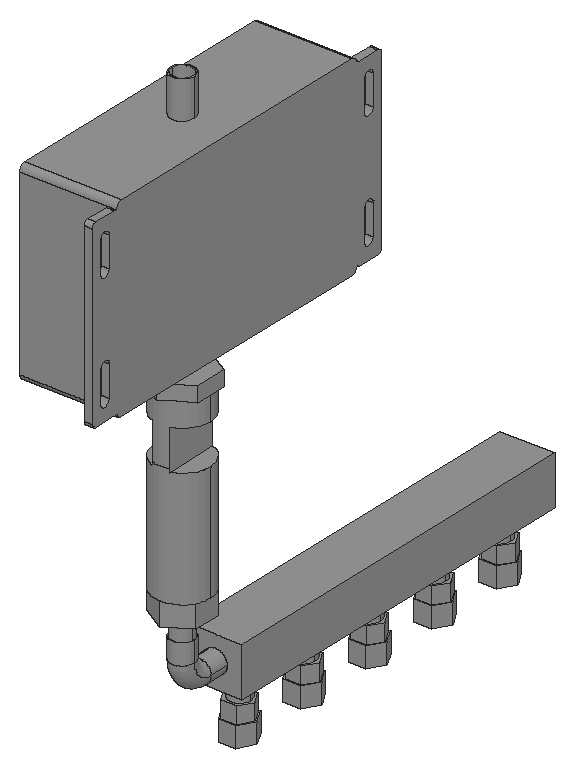
Revit family "MI-300", category Plumbing Fixtures, Revit 2013
Parameters
  material = Plastic
  URL = "www.mifab.com"
  Model = "MI-300"
  Manufacturer = "Mifab"
  Description = "Electronic Trap Seal Primer With Air Gap, Distribution Unit and Control Panel"
  Body Material = Brass
Reference planes (in)
  plane 1 "Center (Front/Back)": y = 0
  plane 2: z = 0
  plane 3 "Center (Left/Right)": x = 0
  plane 4: z = 10.17932
  plane 5: z = -60.32068
  plane 6: z = -66.32068
  plane 7: z = 46.17932
  plane 8: z = -6.9904
  plane 9: z = -18.9904
  plane 10: z = 82.17932
  plane 11: z = -102.32068
  plane 12: z = 67.17932
  plane 13: z = 57.17932
  plane 14: y = 51
  plane 15: z = 28.17932
  plane 16: y = 12
  plane 17: y = 132
Forms (in)
  Revolve 1, solid, material "Brass" <- "Body Material"
    sketch origin (0, 0, 0) x (1, 0, 0) y (0, 0, 1)
      loop
        line (-8.25, 0) -> (-8.25, -18) -> (-8.25, -53.5) -> (0, -53.5) -> (0, 0) -> (-8.25, 0)
      axis (0, 0) -> (0, -53.5)
    angle from 0 to 360
  Extrusion 2, solid, material "Brass" <- "Body Material"
    sketch origin (0, 0, 0) x (1, 0, 0) y (0, 1, 0)
      loop
        line (-8.25, -4.76314) -> (0, -9.52628) -> (8.25, -4.76314) -> (8.25, 4.76314) -> (0, 9.52628) -> (-8.25, 4.76314) -> (-8.25, -4.76314)
    from 0 to 4.48076
  Extrusion 3, solid, material "Brass" <- "Body Material"
    sketch origin (0, 0, 0) x (1, 0, 0) y (0, 1, 0)
      loop
        circle (0, 0) r 3
    from 4.48076 to 10.17932
  Extrusion 4, void
    sketch origin (0, 0, 0) x (1, 0, 0) y (0, 1, 0)
      loop
        circle (0, 0) r 2.75
    from 0 to 12
  Extrusion 5, solid, material "Brass" <- "Body Material"
    sketch origin (0, 0, 0) x (1, 0, 0) y (0, 1, 0)
      loop
        line (0, -8.25) -> (7.14471, -4.125) -> (7.14471, 4.125) -> (0, 8.25) -> (-7.14471, 4.125) -> (-7.14471, -4.125) -> (0, -8.25)
    from -60.32068 to -53.5
  Extrusion 6, void
    sketch origin (0, 0, 0) x (1, 0, 0) y (0, 1, 0)
      loop
        circle (0, 0) r 6.75
    from -60.32068 to -53.5
  Revolve 7, solid
    sketch origin (0, 0, 0) x (1, 0, 0) y (0, 0, 1)
      loop
        line (0, 0) -> (-4, 0) -> (-4, -2) -> (-1, -2) -> (-1, -4) -> (0, -4) -> (0, 0)
      axis (0, 0) -> (0, -4)
    angle from 0 to 360
  Extrusion 8, solid, material "Iron, Cast"
    sketch origin (0, 0, 0) x (1, 0, 0) y (0, 1, 0)
      loop
        circle (0, 0) r 3.19922
    from -66.32068 to -60.32068
  Revolve 9, solid, material "Iron, Cast"
    sketch origin (0, 0, 0) x (1, 0, 0) y (0, 0, 1)
      loop
        line (0, 10.17932) -> (8.25, 10.17932) -> (8.25, 20.17932) -> (7, 20.17932) -> (7, 36.17932) -> (8.25, 36.17932) -> (8.25, 46.17932) -> (0, 46.17932) -> (0, 10.17932)
      axis (0, 46.17932) -> (0, 10.17932)
    angle from 0 to 360
  Extrusion 10, solid, material "Stainless Steel"
    sketch origin (-1.11713, 0, 0) x (1, 0, 0) y (0, 1, 0)
      loop
        circle (1.11713, 0) r 3.5
      loop
        circle (1.11713, 0) r 3.19922
    from 46.17932 to 82.17932
  Extrusion 11, void
    sketch origin (0, 0, 0) x (1, 0, 0) y (0, 0, 1)
      loop
        line (2.5, -6.9904) -> (2.5, -18.9904) -> (14.5, -18.9904) -> (14.5, -6.9904) -> (2.5, -6.9904)
      loop
        line (-2.5, -6.9904) -> (-14.5, -6.9904) -> (-14.5, -18.9904) -> (-2.5, -18.9904) -> (-2.5, -6.9904)
    from -16.92204 to 12
  Extrusion 12, solid, material "Plastic" <- "material"
    sketch origin (0, 0, 0) x (1, 0, 0) y (0, 1, 0)
      loop
        circle (0, 0) r 3.5
      loop
        line (0, 10.75) -> (-9.30977, 5.375) -> (-9.30977, -5.375) -> (0, -10.75) -> (9.30977, -5.375) -> (9.30977, 5.375) -> (0, 10.75)
    from 57.17932 to 67.17932
  Extrusion 13, solid, material "Plastic" <- "material"
    sketch origin (0, 0, 0) x (0, 1, 0) y (0, 0, 1)
      loop
        line (3.26505, 39.26677) -> (3.26505, 17.26677) -> (13.26505, 17.26677) -> (13.26505, 21.84166) -> (19.26505, 23.117) -> (19.26505, 33.41654) -> (13.26505, 34.69188) -> (13.26505, 39.26677) -> (3.26505, 39.26677)
    from -4.05535 to 4.05535
  Extrusion 14, solid, material "Plastic" <- "material"
    sketch origin (0, 0, 0) x (1, 0, 0) y (0, 0, 1)
      loop
        circle (0, 28.17932) r 1
    from -19.26505 to -38.14634
  Extrusion 15, solid, material "Plastic" <- "material"
    sketch origin (0, 0, 0) x (0, 1, 0) y (0, 0, 1)
      loop
        line (20.72926, 36.64354) -> (20.72926, 15.17932) -> (37, 15.17932) -> (37, 41.17932) -> (25.26505, 41.17932) -> (20.72926, 36.64354)
    from -12.1497 to 12
  Extrusion 16, solid, material "Plastic" <- "material"
    sketch origin (0, 0, 0) x (1, 0, 0) y (0, 0, 1)
      loop
        line (-6.31831, 50.17973) -> (-6.31831, 41.17932) -> (6.31831, 41.17932) -> (6.31831, 50.17973) -> (-6.31831, 50.17973)
    from -35.8522 to -25.26505
  Sweep 17, solid, material "Iron, Cast"
    path origin (0, 0, 0) x (0, 1, 0) y (0, 0, 1)
      loop
        line (0, -66.32068) -> (0, -72.32068)
        arc (0, -72.32068) -> (1.75736, -76.56332) -> (6, -78.32068) r 6
        line (6, -78.32068) -> (12, -78.32068)
    profile origin (0, 0, -69.32068) x (1, 0, 0) y (0, 1, 0)
      loop
        circle (0, 0) r 3.5
      loop
        circle (0, 0) r 3.19922
  Extrusion 18, solid, material "Iron, Cast"
    sketch origin (0, 0, 0) x (1, 0, 0) y (0, 0, 1)
      loop
        circle (0, -78.32068) r 3.5
      loop
        circle (0, -78.32068) r 3.19922
    from -132 to -12
  Extrusion 19, solid, material "Plastic" <- "material"
    sketch origin (0, 0, 0) x (1, 0, 0) y (0, 0, 1)
      loop
        line (-8, -71.07068) -> (-8, -85.57068) -> (8, -85.57068) -> (8, -71.07068) -> (-8, -71.07068)
    from -126.7611 to -12
  Extrusion 20, solid, material "Plastic" <- "material"
    sketch origin (0, 0, 0) x (1, 0, 0) y (0, 1, 0)
      loop
        circle (0, 116.7611) r 3.25
      loop
        circle (0, 92.7611) r 3.25
      loop
        circle (0, 68.7611) r 3.25
      loop
        circle (0, 44.7611) r 3.25
      loop
        circle (0, 21.0111) r 3.25
    from -91.48172 to -76.37662
  Extrusion 21, solid, material "Plastic" <- "material"
    sketch origin (0, 0, 0) x (1, 0, 0) y (0, 1, 0)
      loop
        line (2.3094, 112.7611) -> (4.6188, 116.7611) -> (2.3094, 120.7611) -> (-2.3094, 120.7611) -> (-4.6188, 116.7611) -> (-2.3094, 112.7611) -> (2.3094, 112.7611)
      loop
        line (2.3094, 88.7611) -> (4.6188, 92.7611) -> (2.3094, 96.7611) -> (-2.3094, 96.7611) -> (-4.6188, 92.7611) -> (-2.3094, 88.7611) -> (2.3094, 88.7611)
      loop
        line (2.3094, 64.7611) -> (4.6188, 68.7611) -> (2.3094, 72.7611) -> (-2.3094, 72.7611) -> (-4.6188, 68.7611) -> (-2.3094, 64.7611) -> (2.3094, 64.7611)
      loop
        line (2.3094, 40.7611) -> (4.6188, 44.7611) -> (2.3094, 48.7611) -> (-2.3094, 48.7611) -> (-4.6188, 44.7611) -> (-2.3094, 40.7611) -> (2.3094, 40.7611)
      loop
        line (2.3094, 16.94347) -> (4.6188, 20.94347) -> (2.3094, 24.94347) -> (-2.3094, 24.94347) -> (-4.6188, 20.94347) -> (-2.3094, 16.94347) -> (2.3094, 16.94347)
    from -96.4125 to -91.48172
  Extrusion 22, solid, material "Plastic" <- "material"
    sketch origin (0, 0, 0) x (1, 0, 0) y (0, 1, 0)
      loop
        line (2.59808, 112.2611) -> (5.19615, 116.7611) -> (2.59808, 121.2611) -> (-2.59808, 121.2611) -> (-5.19615, 116.7611) -> (-2.59808, 112.2611) -> (2.59808, 112.2611)
    from -102.32068 to -96.4125
  Extrusion 23, solid, material "Plastic" <- "material"
    sketch origin (0, -24, 0) x (1, 0, 0) y (0, 1, 0)
      loop
        line (2.59808, 112.2611) -> (5.19615, 116.7611) -> (2.59808, 121.2611) -> (-2.59808, 121.2611) -> (-5.19615, 116.7611) -> (-2.59808, 112.2611) -> (2.59808, 112.2611)
    from -102.32068 to -96.4125
  Extrusion 24, solid, material "Plastic" <- "material"
    sketch origin (0, -48, 0) x (1, 0, 0) y (0, 1, 0)
      loop
        line (2.59808, 112.2611) -> (5.19615, 116.7611) -> (2.59808, 121.2611) -> (-2.59808, 121.2611) -> (-5.19615, 116.7611) -> (-2.59808, 112.2611) -> (2.59808, 112.2611)
    from -102.32068 to -96.4125
  Extrusion 25, solid, material "Plastic" <- "material"
    sketch origin (0, -72, 0) x (1, 0, 0) y (0, 1, 0)
      loop
        line (2.59808, 112.2611) -> (5.19615, 116.7611) -> (2.59808, 121.2611) -> (-2.59808, 121.2611) -> (-5.19615, 116.7611) -> (-2.59808, 112.2611) -> (2.59808, 112.2611)
    from -102.32068 to -96.4125
  Extrusion 26, solid, material "Plastic" <- "material"
    sketch origin (0, -95.78499, 0) x (1, 0, 0) y (0, 1, 0)
      loop
        line (2.59808, 112.2611) -> (5.19615, 116.7611) -> (2.59808, 121.2611) -> (-2.59808, 121.2611) -> (-5.19615, 116.7611) -> (-2.59808, 112.2611) -> (2.59808, 112.2611)
    from -102.32068 to -96.4125
  Extrusion 27, solid, material "Plastic" <- "material"
    sketch origin (0, 0, 0) x (1, 0, 0) y (0, 0, 1)
      loop
        line (2.3094, -82.32068) -> (4.6188, -78.32068) -> (2.3094, -74.32068) -> (-2.3094, -74.32068) -> (-4.6188, -78.32068) -> (-2.3094, -82.32068) -> (2.3094, -82.32068)
    from -130.49767 to -127.86809
  Extrusion 28, void
    sketch origin (0, 0, 0) x (1, 0, 0) y (0, 0, 1)
      loop
        circle (0, -78.32068) r 3.19922
    from -130.49767 to -12
  Extrusion 29, void
    sketch origin (0, 0, 0) x (1, 0, 0) y (0, 1, 0)
      loop
        circle (0, 116.7611) r 2.75
      loop
        circle (0, 92.7611) r 2.75
      loop
        circle (0, 68.7611) r 2.75
      loop
        circle (0, 44.7611) r 2.75
      loop
        circle (0, 20.98406) r 2.75
    from -85.57068 to -102.32068
  Revolve 30, solid, material "Thermoplastic Resin"
    sketch origin (0, 0, 0) x (0, 1, 0) y (0, 0, 1)
      loop
        line (35.8522, 42.67932) -> (47.46958, 42.67932)
        arc (47.46958, 42.67932) -> (48.3531, 43.29471) -> (49.23663, 42.67932) r 0.94194
        line (49.23663, 42.67932) -> (51, 42.67932) -> (51, 45.67953) -> (35.8522, 45.67953) -> (35.8522, 42.67932)
      axis (35.8522, 45.67953) -> (51, 45.67953)
    angle from 0 to 360
  Extrusion 31, solid, material "Stainless Steel"
    sketch origin (0, 0, 0) x (0, 1, 0) y (0, 0, 1)
      loop
        arc (-40.25, 71.17932) -> (-41.48744, 70.66676) -> (-42, 69.42932) r 1.75
        line (-42, 69.42932) -> (-42, 15.92932)
        arc (-42, 15.92932) -> (-41.48744, 14.69189) -> (-40.25, 14.17932) r 1.75
        line (-40.25, 14.17932) -> (44.25, 14.17932)
        arc (44.25, 14.17932) -> (45.48744, 14.69189) -> (46, 15.92932) r 1.75
        line (46, 15.92932) -> (46, 69.42932)
        arc (46, 69.42932) -> (45.48744, 70.66676) -> (44.25, 71.17932) r 1.75
        line (44.25, 71.17932) -> (-40.25, 71.17932)
    from -14.12924 to 14.39896
  Extrusion 32, solid, material "Stainless Steel"
    sketch origin (0, 0, 0) x (0, 1, 0) y (0, 0, 1)
      loop
        arc (46.75, 69.42932) -> (46.21967, 69.20965) -> (46, 68.67932) r 0.75
        line (46, 68.67932) -> (46, 16.51677)
        arc (46, 16.51677) -> (46.36647, 15.79579) -> (47.08745, 15.42932) r 1.30469
        line (47.08745, 15.42932) -> (53.91255, 15.42932)
        arc (53.91255, 15.42932) -> (54.63353, 15.79579) -> (55, 16.51677) r 1.30469
        line (55, 16.51677) -> (55, 68.12522)
        arc (55, 68.12522) -> (54.61804, 69.04736) -> (53.6959, 69.42932) r 1.3041
        line (53.6959, 69.42932) -> (46.75, 69.42932)
      loop
        arc (52.23851, 63.99909) -> (50.5, 65.7376) -> (48.76149, 63.99909) r 1.73851
        line (48.76149, 63.99909) -> (48.76149, 54.99909)
        arc (48.76149, 54.99909) -> (50.5, 53.26059) -> (52.23851, 54.99909) r 1.73851
        line (52.23851, 54.99909) -> (52.23851, 63.99909)
      loop
        line (52.23851, 20.85956) -> (52.23851, 29.85956)
        arc (52.23851, 29.85956) -> (50.5, 31.59806) -> (48.76149, 29.85956) r 1.73851
        line (48.76149, 29.85956) -> (48.76149, 20.85956)
        arc (48.76149, 20.85956) -> (50.5, 19.12105) -> (52.23851, 20.85956) r 1.73851
      loop
        line (-42.75, 69.42932) -> (-49.6959, 69.42932)
        arc (-49.6959, 69.42932) -> (-50.61804, 69.04736) -> (-51, 68.12522) r 1.3041
        line (-51, 68.12522) -> (-51, 16.51677)
        arc (-51, 16.51677) -> (-50.63353, 15.79579) -> (-49.91255, 15.42932) r 1.30469
        line (-49.91255, 15.42932) -> (-43.08745, 15.42932)
        arc (-43.08745, 15.42932) -> (-42.36647, 15.79579) -> (-42, 16.51677) r 1.30469
        line (-42, 16.51677) -> (-42, 68.67932)
        arc (-42, 68.67932) -> (-42.21967, 69.20965) -> (-42.75, 69.42932) r 0.75
      loop
        line (-48.23851, 63.99909) -> (-48.23851, 54.99909)
        arc (-48.23851, 54.99909) -> (-46.5, 53.26059) -> (-44.76149, 54.99909) r 1.73851
        line (-44.76149, 54.99909) -> (-44.76149, 63.99909)
        arc (-44.76149, 63.99909) -> (-46.5, 65.7376) -> (-48.23851, 63.99909) r 1.73851
      loop
        arc (-48.23851, 20.85956) -> (-46.5, 19.12105) -> (-44.76149, 20.85956) r 1.73851
        line (-44.76149, 20.85956) -> (-44.76149, 29.85956)
        arc (-44.76149, 29.85956) -> (-46.5, 31.59806) -> (-48.23851, 29.85956) r 1.73851
        line (-48.23851, 29.85956) -> (-48.23851, 20.85956)
    from 12 to 14.39896
Cuts and joins
  Extrusion 28 cuts Extrusion 19
  Extrusion 28 cuts Extrusion 20
  Extrusion 29 cuts Extrusion 22
  Extrusion 29 cuts Extrusion 23
  Extrusion 29 cuts Extrusion 24
  Extrusion 29 cuts Extrusion 25
  Extrusion 29 cuts Extrusion 26
  Extrusion 28 cuts Extrusion 27
  joined: Extrusion 12, Extrusion 13, Extrusion 14, Extrusion 15, Extrusion 16, Extrusion 19, Extrusion 20, Extrusion 21, Extrusion 22, Extrusion 23, Extrusion 24, Extrusion 25, Extrusion 26, Extrusion 27
  Extrusion 28 cuts Sweep 17
  joined: Extrusion 8, Sweep 17, Extrusion 18
  Extrusion 4, Extrusion 6, Extrusion 11 cuts Revolve 1
  Extrusion 4, Extrusion 6 cuts Extrusion 2
  Extrusion 4, Extrusion 6 cuts Extrusion 3
  Extrusion 6 cuts Extrusion 5
  joined: Revolve 1, Extrusion 2, Extrusion 3, Extrusion 5
  joined: Extrusion 10, Extrusion 31, Extrusion 32
Dimensions and locks (in)
  locked: Extrusion 2 sketch curve to plane 3 "Center (Left/Right)" at 8.25  (x2)
  locked: Extrusion 5 sketch curve to plane 3 "Center (Left/Right)" at 7.14471  (x2)
  locked: plane 4 to plane 5 at 70.5
  locked: plane 4 to level at 10.17932
  locked: plane 5 to plane 6 at 6
  locked: plane 7 to Revolve 9 sketch curve at 36
  locked: plane 9 to plane 8 at 12
  equal spacing: Extrusion 11 sketch curve, plane 3 "Center (Left/Right)", Extrusion 11 sketch curve
  locked: plane 10 to plane 4 at 72
  locked: plane 10 to plane 11 at 184.5
  locked: plane 10 to plane 12 at 15
  locked: plane 12 to plane 13 at 10
  equal spacing: Extrusion 13, plane 3 "Center (Left/Right)", Extrusion 13
  locked: plane 1 "Center (Front/Back)" to plane 14 at 51
  locked: plane 15 to level at 28.17932
  locked: Extrusion 14 to plane 14 at 12.85366
  locked: Extrusion 15 to plane 14 at 14
  equal spacing: Extrusion 16 sketch curve, plane 3 "Center (Left/Right)", Extrusion 16 sketch curve, locked at 6.31831 each
  Extrusion 31 sketch curve to plane 1 "Center (Front/Back)" to Extrusion 31 sketch curve = 3' - 10", 3' - 6" locked
  Extrusion 31 sketch curve to plane 13 to Extrusion 31 sketch curve = 3' - 7" locked, 1' - 2" locked
  aligned and locked: level to plane 2
  aligned and locked: Revolve 1 sketch curve to level
  aligned and locked: Extrusion 2 to level
  aligned and locked: plane 3 "Center (Left/Right)" to Extrusion 3 sketch curve
  aligned and locked: plane 1 "Center (Front/Back)" to Extrusion 3 sketch curve
  aligned and locked: Extrusion 3 to Extrusion 2
  aligned and locked: plane 3 "Center (Left/Right)" to Extrusion 4 sketch curve
  aligned and locked: plane 1 "Center (Front/Back)" to Extrusion 4 sketch curve
  aligned and locked: Extrusion 4 to level
  aligned and locked: Extrusion 6 to Revolve 1
  aligned and locked: plane 3 "Center (Left/Right)" to Extrusion 6 sketch curve
  aligned and locked: plane 1 "Center (Front/Back)" to Extrusion 6 sketch curve
  aligned and locked: Extrusion 5 to plane 5
  aligned and locked: Extrusion 8 to plane 6
  aligned and locked: Revolve 9 sketch curve to Revolve 9 sketch curve
  aligned and locked: Revolve 9 sketch curve to plane 3 "Center (Left/Right)"  (x2)
  aligned and locked: Extrusion 10 to Revolve 9
  aligned and locked: Revolve 1 sketch curve to plane 3 "Center (Left/Right)"
  aligned and locked: plane 10 to Extrusion 10
  aligned and locked: plane 1 "Center (Front/Back)" to Extrusion 12 sketch curve
  aligned and locked: plane 12 to Extrusion 12
  aligned and locked: Extrusion 12 to plane 13
  aligned and locked: Extrusion 13 sketch curve to Extrusion 13 sketch curve
  aligned and locked: plane 3 "Center (Left/Right)" to Extrusion 14 sketch curve
  aligned and locked: plane 15 to Extrusion 14 sketch curve
  aligned and locked: Extrusion 18 to Sweep 17
  aligned and locked: Extrusion 18 to plane 17
  aligned and locked: Extrusion 22 to plane 11
  aligned and locked: Extrusion 27 to Extrusion 28
  aligned and locked: Extrusion 28 to Sweep 17
  aligned and locked: Extrusion 29 to Extrusion 22
Automatic sketch dimensions
  Revolve 1 sketch curve to plane 3 "Center (Left/Right)" = 0' - 0"
  plane 5 to Revolve 1 sketch curve = 0' - 6.82068"
  Revolve 1 sketch curve to plane 3 "Center (Left/Right)" = 0' - 8 1/4"
  plane 9 to Revolve 1 sketch curve = 0' - 0.9904"
  plane 11 to Revolve 1 sketch curve = 1' - 5.32068"
  plane 4 to Revolve 1 sketch curve = 1' - 3.82068"
  Extrusion 2 sketch curve to plane 3 "Center (Left/Right)" = 0' - 0"  (x2)
  plane 1 "Center (Front/Back)" to Extrusion 2 sketch curve = 0' - 9.52628"
  plane 1 "Center (Front/Back)" to Extrusion 2 sketch curve = 0' - 4.76314"  (x2)
  Extrusion 2 sketch curve to plane 1 "Center (Front/Back)" = 0' - 4.76314"  (x2)
  Extrusion 2 sketch curve to plane 16 = 0' - 2.47372"
  Extrusion 5 sketch curve to plane 3 "Center (Left/Right)" = 0' - 0"  (x2)
  plane 1 "Center (Front/Back)" to Extrusion 5 sketch curve = 0' - 8 1/4"
  plane 1 "Center (Front/Back)" to Extrusion 5 sketch curve = 0' - 4 1/8"  (x2)
  Extrusion 5 sketch curve to plane 1 "Center (Front/Back)" = 0' - 4 1/8"  (x2)
  Extrusion 5 sketch curve to plane 16 = 0' - 3 3/4"
  Revolve 7 sketch curve to level = 0' - 0"
  Revolve 7 sketch curve to plane 3 "Center (Left/Right)" = 0' - 0"  (x2)
  Revolve 7 sketch curve to plane 3 "Center (Left/Right)" = 0' - 1"
  plane 8 to Revolve 7 sketch curve = 0' - 2.9904"
  Revolve 7 sketch curve to Revolve 7 sketch curve = 0' - 3"
  Revolve 7 sketch curve to level = 0' - 2"
  plane 8 to Revolve 7 sketch curve = 0' - 0.9904"
  Revolve 7 sketch curve to Revolve 7 sketch curve = 0' - 2.24038"
  Extrusion 8 sketch curve to plane 3 "Center (Left/Right)" = 0' - 0"
  Revolve 9 sketch curve to plane 7 = 0' - 0"
  plane 3 "Center (Left/Right)" to Revolve 9 sketch curve = 0' - 7"
  plane 4 to Revolve 9 sketch curve = 0' - 10"
  plane 3 "Center (Left/Right)" to Revolve 9 sketch curve = 0' - 8 1/4"
  Revolve 9 sketch curve to Revolve 9 sketch curve = 0' - 1 1/4"
  Revolve 9 sketch curve to Revolve 9 sketch curve = 0' - 10"
  level to Revolve 9 sketch curve = 0' - 4.48076"
  Revolve 9 sketch curve to plane 13 = 0' - 5"
  Extrusion 10 sketch curve to Extrusion 10 sketch curve = 0' - 0"  (x2)
  plane 1 "Center (Front/Back)" to Extrusion 10 sketch curve = 0' - 0"
  Extrusion 10 sketch curve to plane 3 "Center (Left/Right)" = 0' - 0"
  Extrusion 11 sketch curve to plane 8 = 0' - 0"  (x2)
  Extrusion 11 sketch curve to plane 9 = 0' - 0"  (x2)
  Extrusion 11 sketch curve to plane 3 "Center (Left/Right)" = 1' - 2 1/2"
  Extrusion 11 sketch curve to plane 3 "Center (Left/Right)" = 0' - 2 1/2"
  Extrusion 11 sketch curve to Extrusion 11 sketch curve = 1' - 0"
  Extrusion 12 sketch curve to plane 3 "Center (Left/Right)" = 0' - 0"  (x3)
  plane 1 "Center (Front/Back)" to Extrusion 12 sketch curve = 0' - 10 3/4"
  Extrusion 12 sketch curve to plane 3 "Center (Left/Right)" = 0' - 9.30977"
  plane 3 "Center (Left/Right)" to Extrusion 12 sketch curve = 0' - 9.30977"
  plane 1 "Center (Front/Back)" to Extrusion 12 sketch curve = 0' - 5 3/8"  (x2)
  Extrusion 12 sketch curve to plane 1 "Center (Front/Back)" = 0' - 5 3/8"  (x2)
  Extrusion 12 sketch curve to plane 16 = 0' - 1 1/4"
  Extrusion 13 sketch curve to plane 1 "Center (Front/Back)" = 0' - 3.26505"
  plane 4 to Extrusion 13 sketch curve = 0' - 7.08745"
  plane 16 to Extrusion 13 sketch curve = 0' - 1.26505"
  Extrusion 13 sketch curve to Extrusion 13 sketch curve = 0' - 6"
  Extrusion 13 sketch curve to Extrusion 13 sketch curve = 0' - 4.57489"  (x2)
  Extrusion 13 sketch curve to Extrusion 13 sketch curve = 0' - 1.27534"  (x2)
  Extrusion 13 sketch curve to Extrusion 13 sketch curve = 0' - 10.29955"
  plane 16 to Extrusion 15 sketch curve = 0' - 8.72926"
  plane 4 to Extrusion 15 sketch curve = 0' - 5"
  Extrusion 15 sketch curve to Extrusion 15 sketch curve = 0' - 4.53579"
  Extrusion 15 sketch curve to Extrusion 15 sketch curve = 0' - 11.73495"
  Extrusion 15 sketch curve to plane 13 = 1' - 8.53579"
  Extrusion 15 sketch curve to plane 13 = 1' - 4"
  Extrusion 16 sketch curve to plane 3 "Center (Left/Right)" = 0' - 6.31831"
  Extrusion 16 sketch curve to plane 13 = 1' - 4"
  Extrusion 16 sketch curve to plane 13 = 0' - 6.9996"
  Sweep 17 sketch curve to plane 1 "Center (Front/Back)" = 0' - 0"
  Sweep 17 sketch curve to plane 1 "Center (Front/Back)" = 0' - 6"
  Sweep 17 sketch curve to plane 6 = 1' - 0"
  Sweep 17 sketch curve to plane 16 = 0' - 0"
  Sweep 17 sketch curve to plane 6 = 0' - 0"
  Sweep 17 sketch curve to Sweep 17 sketch curve = 0' - 0"  (x2)
  Sweep 17 sketch curve to plane 3 "Center (Left/Right)" = 0' - 0"
  profile plane to Sweep 17 sketch curve = 0' - 0"
  Extrusion 18 sketch curve to Extrusion 18 sketch curve = 0' - 0"  (x2)
  plane 3 "Center (Left/Right)" to Extrusion 18 sketch curve = 0' - 0"
  Extrusion 18 sketch curve to plane 6 = 1' - 0"
  Extrusion 19 sketch curve to plane 3 "Center (Left/Right)" = 0' - 8"
  plane 11 to Extrusion 19 sketch curve = 1' - 4 3/4"
  plane 3 "Center (Left/Right)" to Extrusion 19 sketch curve = 0' - 8"
  Extrusion 19 sketch curve to plane 6 = 0' - 4 3/4"
  Extrusion 20 sketch curve to plane 3 "Center (Left/Right)" = 0' - 0"  (x5)
  plane 16 to Extrusion 20 sketch curve = 0' - 9.0111"
  Extrusion 20 sketch curve to plane 14 = 0' - 6.2389"
  plane 14 to Extrusion 20 sketch curve = 1' - 5.7611"
  Extrusion 20 sketch curve to Extrusion 20 sketch curve = 2' - 0"
  plane 17 to Extrusion 20 sketch curve = 1' - 3.2389"
  Extrusion 21 sketch curve to plane 3 "Center (Left/Right)" = 0' - 4.6188"  (x5)
  plane 3 "Center (Left/Right)" to Extrusion 21 sketch curve = 0' - 2.3094"  (x10)
  plane 16 to Extrusion 21 sketch curve = 0' - 4.94347"
  Extrusion 21 sketch curve to plane 3 "Center (Left/Right)" = 0' - 2.3094"  (x10)
  Extrusion 21 sketch curve to Extrusion 21 sketch curve = 0' - 2.3094"  (x2)
  plane 3 "Center (Left/Right)" to Extrusion 21 sketch curve = 0' - 4.6188"  (x3)
  Extrusion 21 sketch curve to Extrusion 21 sketch curve = 0' - 4"  (x14)
  Extrusion 21 sketch curve to plane 14 = 0' - 10.2389"
  Extrusion 21 sketch curve to plane 14 = 0' - 2.2389"
  plane 14 to Extrusion 21 sketch curve = 1' - 1.7611"
  Extrusion 21 sketch curve to Extrusion 21 sketch curve = 1' - 4"  (x2)
  Extrusion 22 sketch curve to plane 3 "Center (Left/Right)" = 0' - 5.19615"
  plane 3 "Center (Left/Right)" to Extrusion 22 sketch curve = 0' - 2.59808"  (x2)
  plane 17 to Extrusion 22 sketch curve = 1' - 7.7389"
  Extrusion 22 sketch curve to plane 3 "Center (Left/Right)" = 0' - 2.59808"  (x2)
  plane 3 "Center (Left/Right)" to Extrusion 22 sketch curve = 0' - 5.19615"
  Extrusion 22 sketch curve to Extrusion 22 sketch curve = 0' - 4 1/2"  (x3)
  Extrusion 23 sketch curve to plane 3 "Center (Left/Right)" = 0' - 5.19615"
  plane 3 "Center (Left/Right)" to Extrusion 23 sketch curve = 0' - 2.59808"  (x2)
  plane 14 to Extrusion 23 sketch curve = 3' - 1.2611"
  Extrusion 23 sketch curve to plane 3 "Center (Left/Right)" = 0' - 2.59808"  (x2)
  plane 3 "Center (Left/Right)" to Extrusion 23 sketch curve = 0' - 5.19615"
  Extrusion 23 sketch curve to Extrusion 23 sketch curve = 0' - 4 1/2"  (x3)
  Extrusion 24 sketch curve to plane 3 "Center (Left/Right)" = 0' - 5.19615"
  plane 3 "Center (Left/Right)" to Extrusion 24 sketch curve = 0' - 2.59808"  (x2)
  plane 14 to Extrusion 24 sketch curve = 1' - 1.2611"
  Extrusion 24 sketch curve to plane 3 "Center (Left/Right)" = 0' - 2.59808"  (x2)
  plane 3 "Center (Left/Right)" to Extrusion 24 sketch curve = 0' - 5.19615"
  Extrusion 24 sketch curve to Extrusion 24 sketch curve = 0' - 4 1/2"  (x3)
  Extrusion 25 sketch curve to plane 3 "Center (Left/Right)" = 0' - 5.19615"
  plane 3 "Center (Left/Right)" to Extrusion 25 sketch curve = 0' - 2.59808"  (x2)
  Extrusion 25 sketch curve to plane 14 = 0' - 10.7389"
  Extrusion 25 sketch curve to plane 3 "Center (Left/Right)" = 0' - 2.59808"  (x2)
  plane 3 "Center (Left/Right)" to Extrusion 25 sketch curve = 0' - 5.19615"
  Extrusion 25 sketch curve to Extrusion 25 sketch curve = 0' - 4 1/2"  (x2)
  Extrusion 25 sketch curve to plane 14 = 0' - 1.7389"
  Extrusion 26 sketch curve to plane 3 "Center (Left/Right)" = 0' - 5.19615"
  plane 16 to Extrusion 26 sketch curve = 0' - 4.47612"
  Extrusion 26 sketch curve to plane 3 "Center (Left/Right)" = 0' - 2.59808"  (x2)
  plane 3 "Center (Left/Right)" to Extrusion 26 sketch curve = 0' - 2.59808"  (x2)
  plane 3 "Center (Left/Right)" to Extrusion 26 sketch curve = 0' - 5.19615"
  Extrusion 26 sketch curve to Extrusion 26 sketch curve = 0' - 4 1/2"  (x3)
  Extrusion 27 sketch curve to plane 3 "Center (Left/Right)" = 0' - 4.6188"
  plane 3 "Center (Left/Right)" to Extrusion 27 sketch curve = 0' - 2.3094"  (x2)
  Extrusion 27 sketch curve to plane 6 = 1' - 4"
  Extrusion 27 sketch curve to plane 3 "Center (Left/Right)" = 0' - 2.3094"  (x2)
  Extrusion 27 sketch curve to Extrusion 27 sketch curve = 0' - 2.3094"
  Extrusion 27 sketch curve to Extrusion 27 sketch curve = 0' - 4"  (x3)
  plane 3 "Center (Left/Right)" to Extrusion 28 sketch curve = 0' - 0"
  Extrusion 28 sketch curve to plane 6 = 1' - 0"
  Extrusion 29 sketch curve to plane 3 "Center (Left/Right)" = 0' - 0"  (x5)
  plane 16 to Extrusion 29 sketch curve = 0' - 8.98406"
  Extrusion 29 sketch curve to plane 14 = 0' - 6.2389"
  plane 14 to Extrusion 29 sketch curve = 1' - 5.7611"
  Extrusion 29 sketch curve to Extrusion 29 sketch curve = 2' - 0"
  plane 17 to Extrusion 29 sketch curve = 1' - 3.2389"
  plane 1 "Center (Front/Back)" to Extrusion 8 sketch curve = 0' - 0"
  Revolve 30 sketch curve to plane 14 = 0' - 0"
  Revolve 30 sketch curve to plane 13 = 1' - 2 1/2"
  Revolve 30 sketch curve to plane 14 = 0' - 1.76337"
  Revolve 30 sketch curve to Revolve 30 sketch curve = 0' - 1.76704"
  Revolve 30 sketch curve to Revolve 30 sketch curve = 0' - 11.61738"
  Revolve 30 sketch curve to Revolve 30 sketch curve = 0' - 2 3/4"
  Revolve 30 sketch curve to Revolve 30 sketch curve = 0' - 0.88352"
  plane 14 to Revolve 30 sketch curve = 0' - 3.1022"
  Revolve 30 sketch curve to Revolve 30 sketch curve = 0' - 3.0002"
  Revolve 30 sketch curve to Revolve 30 sketch curve = 0' - 0.32656"
  Revolve 30 sketch curve to Revolve 30 sketch curve = 0' - 0"
  Extrusion 31 sketch curve to Extrusion 31 sketch curve = 0' - 1 3/4"  (x2)
  plane 12 to Extrusion 31 sketch curve = 0' - 2 1/4"
  plane 4 to Extrusion 31 sketch curve = 0' - 5 3/4"
  plane 12 to Extrusion 32 sketch curve = 0' - 0.9459"  (x2)
  plane 1 "Center (Front/Back)" to Extrusion 32 sketch curve = 4' - 3"
  plane 4 to Extrusion 32 sketch curve = 0' - 5 1/4"  (x2)
  Extrusion 32 sketch curve to Extrusion 32 sketch curve = 0' - 1.08745"  (x7)
  Extrusion 32 sketch curve to Extrusion 32 sketch curve = 0' - 1.3041"
  Extrusion 32 sketch curve to Extrusion 32 sketch curve = 0' - 2.76149"
  Extrusion 32 sketch curve to plane 13 = 0' - 2.18023"  (x2)
  Extrusion 32 sketch curve to Extrusion 32 sketch curve = 0' - 1.45739"
  Extrusion 32 sketch curve to Extrusion 32 sketch curve = 0' - 3.47701"  (x2)
  Extrusion 32 sketch curve to Extrusion 32 sketch curve = 0' - 1.67405"
  Extrusion 32 sketch curve to Extrusion 32 sketch curve = 0' - 2.01149"
  Extrusion 32 sketch curve to Extrusion 32 sketch curve = 0' - 0 3/4"  (x2)
  Extrusion 32 sketch curve to plane 14 = 0' - 5"
  Extrusion 32 sketch curve to plane 14 = 0' - 2.23851"  (x2)
  plane 14 to Extrusion 32 sketch curve = 0' - 1.23851"  (x2)
  plane 14 to Extrusion 32 sketch curve = 0' - 2.6959"
  plane 14 to Extrusion 32 sketch curve = 0' - 2.91255"
  Extrusion 32 sketch curve to Extrusion 32 sketch curve = 0' - 1.28902"  (x2)
  Extrusion 32 sketch curve to Extrusion 32 sketch curve = 0' - 0.20158"  (x2)
  Extrusion 32 sketch curve to Extrusion 32 sketch curve = 0' - 4.14121"  (x2)
  Extrusion 32 sketch curve to Extrusion 32 sketch curve = 0' - 9"  (x2)
  Extrusion 32 sketch curve to plane 12 = 0' - 3.18023"  (x2)
  radius of Extrusion 3 sketch curve = 0' - 3"
  radius of Extrusion 4 sketch curve = 0' - 2 3/4"
  radius of Extrusion 6 sketch curve = 0' - 6 3/4"
  radius of Extrusion 8 sketch curve = 0' - 3 51/256"
  radius of Extrusion 10 sketch curve = 0' - 3 1/2"
  radius of Extrusion 10 sketch curve = 0' - 3 51/256"
  radius of Extrusion 12 sketch curve = 0' - 3 1/2"
  radius of Extrusion 14 sketch curve = 0' - 1"
  radius of Sweep 17 sketch curve = 0' - 3 1/2"
  radius of Sweep 17 sketch curve = 0' - 3 51/256"
  radius of Extrusion 18 sketch curve = 0' - 3 1/2"
  radius of Extrusion 18 sketch curve = 0' - 3 51/256"
  radius of Extrusion 20 sketch curve = 0' - 3 1/4"  (x5)
  radius of Extrusion 28 sketch curve = 0' - 3 51/256"
  radius of Extrusion 29 sketch curve = 0' - 2 3/4"  (x5)
